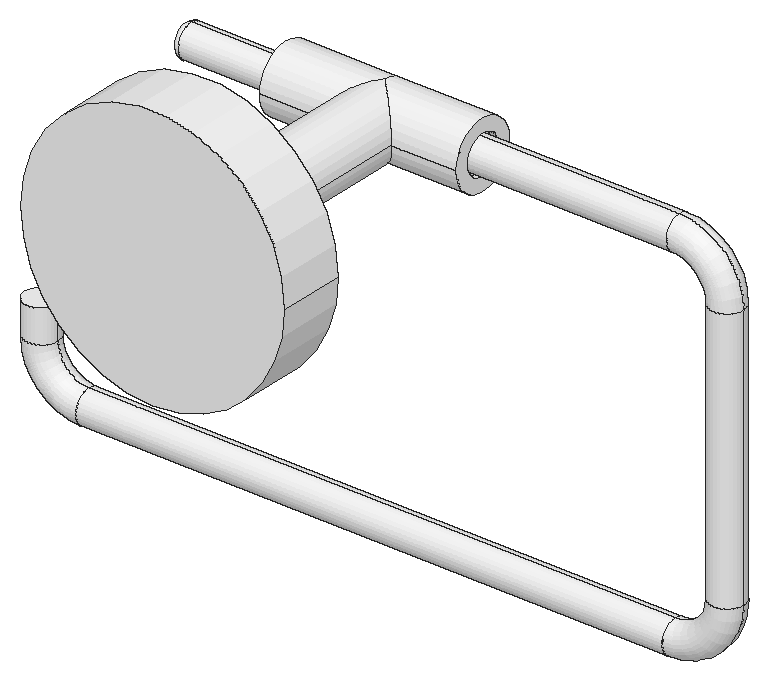
Revit family "SA-2005_Speakman_Neo_Paper Holder (2)", category Plumbing Fixtures, host Wall, Revit 2023
Family settings
  Host = Wall
  Round Connector Dimension = Use Diameter
  Part Type = Normal
  Enable Cutting in Views = Yes
  Always vertical = Yes
  Cut with Voids When Loaded = No
  Maintain Annotation Orientation = No
  Shared = No
  Room Calculation Point = No
Parameters
  Width = 0' - 5 7/16"
  MATERIAL_SA-2005 = MATERIAL_SA-2005
  Depth = 0' - 3"
  Default Elevation = 0' - 0"
Reference planes (in)
  plane 1: y = 0
  plane 2 "Center (Left/Right)": x = 0
  plane 3 "Wall Edge": y = 3
  plane 4 "Center": z = 48
  plane 5 "Base": y = 3.5
  plane 6: y = 5.4375
  plane 7 "Pipe arm": y = 5.1875
  plane 8: x = -2.71875
  plane 9: x = 2.71875
  plane 10: z = 45.125
  plane 11: z = 49
  plane 12: x = 2.59375
  plane 13: z = 45.25
  plane 14: x = -2.59375
  plane 15: z = 48.125
Forms (in)
  Extrusion 1, solid, material "MATERIAL_SA-2005" <- "MATERIAL_SA-2005"
    sketch origin (-60, 3, 0) x (-1, 0, 0) y (0, 0, 1)
      loop
        circle (-60, 48) r 1
    from 0 to 0.5
  Extrusion 2, solid, material "MATERIAL_SA-2005" <- "MATERIAL_SA-2005"
    sketch origin (-60, 3, 0) x (-1, 0, 0) y (0, 0, 1)
      loop
        circle (-60, 48) r 0.25
    from 0.5 to 2.1875
  Sweep 3, solid, material "MATERIAL_SA-2005" <- "MATERIAL_SA-2005"
    path origin (0, 0, 48) x (1, 0, 0) y (0, 1, 0)
      loop
        line (0.7431, 5.1875) -> (0, 5.1875) -> (-0.7431, 5.1875)
    profile origin (-0.37155, 5.1875, 48) x (0, -1, 0) y (0, 0, 1)
      loop
        circle (0, 0) r 0.25
  Extrusion 4, void
    sketch origin (-0.7431, 5.1875, 48) x (0, 0, -1) y (0, 1, 0)
      loop
        circle (0, 0) r 0.14985
    from 0.05694 to -0.11334
  Sweep 5, solid, material "MATERIAL_SA-2005" <- "MATERIAL_SA-2005"
    path origin (0, 5.1875, 0) x (-1, 0, 0) y (0, 0, 1)
      loop
        line (1.51486, 48) -> (-2.23437, 48)
        arc (-2.23437, 48) -> (-2.48849, 47.89474) -> (-2.59375, 47.64062) r 0.35938
        line (-2.59375, 47.64062) -> (-2.59375, 45.64134)
        arc (-2.59375, 45.64134) -> (-2.47913, 45.36462) -> (-2.20241, 45.25) r 0.39134
        line (-2.20241, 45.25) -> (2.23438, 45.25)
        arc (2.23438, 45.25) -> (2.48849, 45.35526) -> (2.59375, 45.60937) r 0.35938
        line (2.59375, 45.60937) -> (2.59375, 45.85937)
    profile origin (0.35976, 5.1875, 48) x (0, 0, -1) y (0, 1, 0)
      loop
        circle (0, 0) r 0.125
  Extrusion 6, void
    sketch origin (0.7431, 5.1875, 48) x (0, 0, -1) y (0, -1, 0)
      loop
        circle (0, 0) r 0.14985
    from 0.05694 to -0.11334
  Sweep 7, void
    path in 3D
      loop
        arc (-1.51486, 5.1875, 48.125) -> (-1.51486, 5.0625, 48) -> (-1.51486, 5.1875, 47.875) r 0.125
        arc (-1.51486, 5.1875, 47.875) -> (-1.51486, 5.3125, 48) -> (-1.51486, 5.1875, 48.125) r 0.125
    profile origin (-1.51486, 5.3125, 48) x (0, 1, 0) y (-1, 0, 0)
      loop
        line (0, -0.05601) -> (0, 0) -> (-0.04381, 0)
        arc (-0.04381, 0) -> (-0.01225, -0.02045) -> (0, -0.05601) r 0.0577
Cuts and joins
  Extrusion 4, Extrusion 6 cuts Extrusion 2
  Extrusion 4, Extrusion 6 cuts Sweep 3
  joined: Extrusion 2, Sweep 3
  Sweep 7 cuts Sweep 5
Lines and regions (in)
  sketch lines
    curve 1: arc (-1.51486, 5.1875, 47.875) -> (-1.51486, 5.3125, 48) -> (-1.51486, 5.1875, 48.125) r 0.125
    curve 2: arc (-1.51486, 5.1875, 48.125) -> (-1.51486, 5.0625, 48) -> (-1.51486, 5.1875, 47.875) r 0.125
Text (in)
  text "Placement Side" at (0, 40.15149, 123.01588), in view "Right"
  text "Placement Side" at (-97.38663, 22.46365, 0), in view "Ref. Level"
  text "Placement Side" at (0, 81.62555, 140.59947), in view "Left"
Dimensions and locks (in)
  locked: plane 3 "Wall Edge" to host wall
  level to plane 4 "Center" = 4' - 0"
  plane 3 "Wall Edge" to plane 5 "Base" = 0' - 0 1/2"
  plane 3 "Wall Edge" to plane 6 = 0' - 2 7/16"
  plane 6 to plane 7 "Pipe arm" = 0' - 0 1/4"
  plane 8 to plane 9 = 0' - 5 7/16"
  "Width": plane 9 to plane 8
  locked: plane 10 to plane 11 at 3.875
  locked: plane 9 to plane 12 at 0.125
  locked: plane 10 to plane 13 at 0.125
  locked: plane 8 to plane 14 at 0.125
  plane 6 to host wall = 0' - 2 7/16"
  equal spacing: plane 9, plane 2 "Center (Left/Right)", plane 8
  locked: plane 4 "Center" to plane 15 at 0.125
  "Depth": plane 10 to plane 15
  host wall to plane 6 = 0' - 2 7/16"
  plane 11 to plane 10 = 0' - 3 7/8"  (x2)
  plane 15 to plane 10 = 0' - 3"  (x2)
  aligned and locked: plane 3 "Wall Edge" to Extrusion 1
  aligned and locked: plane 5 "Base" to Extrusion 1
  aligned and locked: Sweep 5 sketch curve to plane 12
  aligned and locked: plane 14 to Sweep 5 sketch curve  (x2)
Automatic sketch dimensions
  Extrusion 1 sketch curve to plane 2 "Center (Left/Right)" = 0' - 0"
  Extrusion 1 sketch curve to plane 4 "Center" = 0' - 0"
  Extrusion 2 sketch curve to plane 2 "Center (Left/Right)" = 0' - 0"
  Extrusion 2 sketch curve to plane 4 "Center" = 0' - 0"
  Sweep 3 sketch curve to plane 7 "Pipe arm" = 0' - 0"
  Sweep 3 sketch curve to plane 2 "Center (Left/Right)" = 0' - 0"
  Sweep 3 sketch curve to Sweep 3 sketch curve = 0' - 0.7431"
  plane 2 "Center (Left/Right)" to Sweep 3 sketch curve = 0' - 0.7431"
  Sweep 3 sketch curve to plane 4 "Center" = 0' - 0"
  Sweep 3 sketch curve to profile plane = 0' - 0"
  Sweep 5 sketch curve to plane 7 "Pipe arm" = 0' - 0"
  Sweep 5 sketch curve to profile plane = 0' - 0"
  Extrusion 6 sketch curve to plane 4 "Center" = 0' - 0"
  Extrusion 6 sketch curve to plane 7 "Pipe arm" = 0' - 0"
  Sweep 5 sketch curve to plane 13 = 0' - 0"
  Sweep 5 sketch curve to Sweep 5 sketch curve = 0' - 0 23/64"
  plane 12 to Sweep 5 sketch curve = 0' - 0.39134"
  plane 13 to Sweep 5 sketch curve = 0' - 0 23/64"
  Sweep 5 sketch curve to plane 14 = 0' - 1.07889"
  Sweep 5 sketch curve to Sweep 5 sketch curve = 0' - 0 1/4"
  Sweep 5 sketch curve to plane 4 "Center" = 0' - 0"
  Sweep 7 sketch curve to profile plane = 0' - 0"
  profile plane to Sweep 7 sketch curve = 0' - 0"
  Sweep 7 sketch curve to Sweep 7 sketch curve = 0' - 0.04381"
  Sweep 7 sketch curve to profile plane = 0' - 0.05601"
  radius of Extrusion 1 sketch curve = 0' - 1"
  radius of Extrusion 2 sketch curve = 0' - 0 1/4"
  radius of Sweep 3 sketch curve = 0' - 0 1/4"
  radius of Extrusion 4 sketch curve to Sweep 3 = 0' - 0.10015"
  radius of Sweep 5 sketch curve = 0' - 0 1/8"
  radius of Extrusion 6 sketch curve = 0' - 0.14985"
